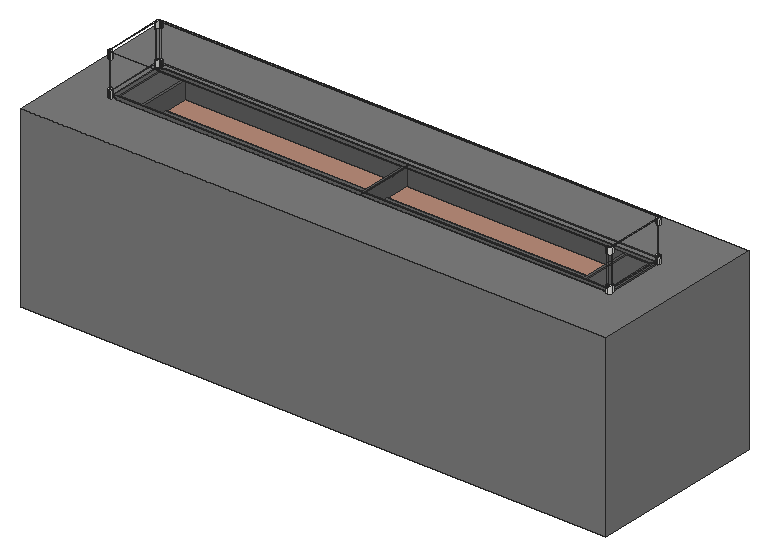
Revit family "HVAC_Fireplaces_Regency-Fireplace_Plateau-Outdoor-Gas-Fireplace_PTO60", category Specialty Equipment, host Face, Revit 2026
Family settings
  Host = Face
  Round Connector Dimension = Use Diameter
  Part Type = Normal
  Classification Number = 23.40.20.34.14
  Enable Cutting in Views = No
  Cut with Voids When Loaded = No
  Maintain Annotation Orientation = No
  Shared = No
  Room Calculation Point = No
Parameters (values of type "PTO60-NG11")
  Width = 66.44"  # constant formula
  Voltage = 120 V
  Version = 0
  URL = "https://www.regency-fire.com/en/default.aspx"
  Trim W [instance] = if(Finishing trim, 67.92", 67.6")  # 67.6"
  Trim H [instance] = if(Finishing trim, 8.66", 8.3")  # 8.3"
  Product data url = "https://www.bimobject.com/regency-fireplace-products/product/pto30-outdoor-gas-burner"
  Product Page URL = "https://www.regency-fire.com/en/Products/Gas/Outdoor-Gas-Fireplaces/PTO30"
  Product Documentation Link = "https://assets.regency-fire.com/getattachment/a0ca68ed-2927-408a-84f4-514c330c736a/PTO30-11-English-Manual.aspx"
  Power Factor = 1
  Power Consumption = 0 W
  Pipe Diameter = 0.5"  # constant formula
  Orifce Size -Altitude 0-4500 ft = "# 25 DMS"
  Opening W [instance] = if(Hard Wire Kit Installation, 8.37", 0.04")  # 0.04"
  Opening H [instance] = if(Hard Wire Kit Installation, 10", 0.04")  # 0.04"
  Opening D [instance] = if(Hard Wire Kit Installation, 5", 0.03937")  # 0.03937"
  Offset [instance] = if(Frame, 24", 0")  # 24"
  Number of Poles = 1
  Not Hard Wire Kit Installation [instance] = not(Hard Wire Kit Installation)  # yes
  Nom No finishing trim [instance] = and(Frame, No finishing trim)  # yes
  Nom Hard Wire Kit Installation [instance] = and(Frame, Hard Wire Kit Installation)  # no
  Nom Finishing trim [instance] = and(Frame, Finishing trim)  # no
  Nom Enclosure Vent Installation [instance] = and(Frame, Enclosure Vent Installation)  # no
  No finishing trim [instance] = not(Finishing trim)  # yes
  Model = "PTO60-NG11"
  Minimum Supply Pressure = "10” W.C. (2.5 kPa)"
  Minimum Input Altitude 0-4500 ft. (0-1372m) = "60,000Btu/h (17.58 kW)"
  Maximum Input Altitude 0-4500 ft. (0-1372m) = "100,000 Btu/h (29.3 kW)"
  Manufacturer = "Regency Fireplace"  # constant formula
  Manifold Pressure - Low = "3.2” W.C. (0.80 kPa)"
  Manifold Pressure - High = "7” W.C. (1.74 kPa)"
  L [instance] = if(Frame, -0.03937", -10.35433")  # -0.03937"
  Housing Material = Regency Fireplace - Metal - Black
  Height = 10.38"  # constant formula
  Hard Wire Kit Installation [instance] = no
  Glass Surround Installation [instance] = yes
  Gas flow = 0.0 L/s
  Gas Connector Description = "Natural gas supply"
  Fuel Type = "Natural Gas"
  Frequency = 60 Hz
  Frame [instance] = yes
  Firebed Material [instance] = Regency Fireplace - Firebeads - Caramel Luster Firebed
  Finishing trim [instance] = no
  Enclosure Vent Installation Note [instance] = "Four (4) ventilation grills are required for all enclosures. Two (2) upper and two (2) lower ventilation grills are required for all enclosures. This is to alleviate moisture and allow for air to circulate. Minimum recommended size: 20 sq in. (508 mm²) ea."  # constant formula
  Enclosure Vent Installation [instance] = no
  Description = "For custom applications, the Regency Plateau Outdoor Burner brings you the design versatility of a linear stainless steel burner to any outdoor landscape. Whether you are a landscape designer or a homeowner looking to renovate an outdoor living space, the Regency Plateau outdoor burner creates endless design possibilities to your outdoor oasis."  # constant formula
  Depth = 10.5"  # constant formula
  Default Elevation = 48"
  Date Updated = ""
  Date Created = ""
  Current = 1.5 A
  Clearance to Combustibles [instance] = no
  CTC height [instance] = if(Frame, 69", 45")  # 69"
  Apparent Load = Power Consumption / Power Factor  # 0 VA
Types (3): name | Product Documentation Link | Orifce Size -Altitude 0-4500 ft | Model | Minimum Supply Pressure | Minimum Input Altitude 0-4500 ft. (0-1372m) | Maximum Input Altitude 0-4500 ft. (0-1372m) | Manifold Pressure - Low | Manifold Pressure - High | Gas Connector Description | Fuel Type
  (no name) | "https://assets.regency-fire.com/getattachment/a0ca68ed-2927-408a-84f4-514c330c736a/PTO30-11-English-Manual.aspx" | "# 25 DMS" | "PTO60-NG11" | "10” W.C. (2.5 kPa)" | "60,000Btu/h (17.58 kW)" | "100,000 Btu/h (29.3 kW)" | "3.2” W.C. (0.80 kPa)" | "7” W.C. (1.74 kPa)" | "Natural gas supply" | "Natural Gas"
  PTO60-NG11 | "https://assets.regency-fire.com/getattachment/a0ca68ed-2927-408a-84f4-514c330c736a/PTO30-11-English-Manual.aspx" | "# 25 DMS" | "PTO60-NG11" | "10” W.C. (2.5 kPa)" | "60,000Btu/h (17.58 kW)" | "100,000 Btu/h (29.3 kW)" | "3.2” W.C. (0.80 kPa)" | "7” W.C. (1.74 kPa)" | "Natural gas supply" | "Natural Gas"
  PTO60-LP11 | "https://assets.regency-fire.com/getattachment/30c06d78-946e-4dc7-a082-1fea59c5e0f3/PTO50-11-English-Manual.aspx" | "# 45 DMS" | "PTO60-LP11" | "22” W.C. (5.46 kPa)" | "76,000 Btu/h (22.26 kW)" | "98,000 Btu/h (28.72 kW)" | "12.8” W.C. (3.18 kPa)" | "20” W.C. (4.98 kPa)" | "Propane gas supply" | "Propane"
Reference planes (in)
  plane 1 "Center (Front/Back)": y = 0
  plane 2: z = 0
  plane 3 "Center (Left/Right)": x = 0
Forms (in)
  Extrusion 1, solid, material "Regency Fireplace - Brick - Rustic Brown Standard", visible <- "Nom No finishing trim"
    sketch origin (0, 0, 0) x (1, 0, 0) y (0, 1, 0)
      loop
        line (-39.5, 12) -> (-39.5, -12) -> (39.5, -12) -> (39.5, 12) -> (-39.5, 12)
    from 0 to 24
  Extrusion 2, void
    sketch origin (0, 0, 24) x (1, 0, 0) y (0, 1, 0)
      loop
        line (32.77433, 4.13386) -> (-32.77685, 4.13386)
        arc (-32.77685, 4.13386) -> (-33.47282, 3.84558) -> (-33.7611, 3.14961) r 0.98425
        line (-33.7611, 3.14961) -> (-33.7611, -3.14961)
        arc (-33.7611, -3.14961) -> (-33.47282, -3.84558) -> (-32.77685, -4.13386) r 0.98425
        line (-32.77685, -4.13386) -> (32.77433, -4.13386)
        arc (32.77433, -4.13386) -> (33.4703, -3.84558) -> (33.75858, -3.14961) r 0.98425
        line (33.75858, -3.14961) -> (33.75858, 3.14961)
        arc (33.75858, 3.14961) -> (33.4703, 3.84558) -> (32.77433, 4.13386) r 0.98425
    from -13.29594 to 0
  Extrusion 3, solid, material "Regency Fireplace - Clearance", visible <- "Clearance to Combustibles"
    sketch origin (0, 0, 0) x (1, 0, 0) y (0, 1, 0)
      loop
        line (56.5, -37.86614) -> (56.5, 22.13386) -> (-56.5, 22.13386) -> (-56.5, -37.86614) -> (56.5, -37.86614)
    from 0 to 69
  Extrusion 4, solid, material "Regency Fireplace - Brick - Rustic Brown Standard", visible <- "Nom Finishing trim"
    sketch origin (0, 0, 0) x (1, 0, 0) y (0, 1, 0)
      loop
        line (-39.5, 12) -> (-39.5, -12) -> (39.5, -12) -> (39.5, 12) -> (-39.5, 12)
    from 0 to 24
  Extrusion 5, void
    sketch origin (0, 0, 24) x (1, 0, 0) y (0, 1, 0)
      loop
        line (32.77433, 4.33071) -> (-32.77685, 4.33071)
        arc (-32.77685, 4.33071) -> (-33.61202, 3.98477) -> (-33.95795, 3.14961) r 1.1811
        line (-33.95795, 3.14961) -> (-33.95795, -3.14961)
        arc (-33.95795, -3.14961) -> (-33.61202, -3.98477) -> (-32.77685, -4.33071) r 1.1811
        line (-32.77685, -4.33071) -> (32.77433, -4.33071)
        arc (32.77433, -4.33071) -> (33.6095, -3.98477) -> (33.95543, -3.14961) r 1.1811
        line (33.95543, -3.14961) -> (33.95543, 3.14961)
        arc (33.95543, 3.14961) -> (33.6095, 3.98477) -> (32.77433, 4.33071) r 1.1811
    from -13.29594 to 0
  Extrusion 6, solid, material "Regency Fireplace - Metal - Silver", visible <- "Finishing trim"
    sketch origin (-47.68088, 0, 24) x (0, -1, 0) y (-1, 0, 0)
      loop
        arc (-4.13386, -80.45521) -> (-3.84558, -81.15119) -> (-3.14961, -81.43947) r 0.98425
        line (-3.14961, -81.43947) -> (3.14961, -81.43947)
        arc (3.14961, -81.43947) -> (3.84558, -81.15119) -> (4.13386, -80.45521) r 0.98425
        line (4.13386, -80.45521) -> (4.13386, -14.90403)
        arc (4.13386, -14.90403) -> (3.84558, -14.20806) -> (3.14961, -13.91978) r 0.98425
        line (3.14961, -13.91978) -> (-3.14961, -13.91978)
        arc (-3.14961, -13.91978) -> (-3.84558, -14.20806) -> (-4.13386, -14.90403) r 0.98425
        line (-4.13386, -14.90403) -> (-4.13386, -80.45521)
      loop
        arc (-4.33071, -80.45521) -> (-3.98477, -81.29038) -> (-3.14961, -81.63632) r 1.1811
        line (-3.14961, -81.63632) -> (3.14961, -81.63632)
        arc (3.14961, -81.63632) -> (3.98477, -81.29038) -> (4.33071, -80.45521) r 1.1811
        line (4.33071, -80.45521) -> (4.33071, -14.90403)
        arc (4.33071, -14.90403) -> (3.98477, -14.06887) -> (3.14961, -13.72293) r 1.1811
        line (3.14961, -13.72293) -> (-3.14961, -13.72293)
        arc (-3.14961, -13.72293) -> (-3.98477, -14.06887) -> (-4.33071, -14.90403) r 1.1811
        line (-4.33071, -14.90403) -> (-4.33071, -80.45521)
    from 0 to 0.74
  Extrusion 7, void
    sketch origin (-39.5, -12, 0) x (0, -1, 0) y (0, 0, -1)
      loop
        line (-12.02, -6) -> (-12.02, -6.04) -> (-11.98, -6.04) -> (-11.98, -6) -> (-12.02, -6)
    from 0.03937 <- "Opening D" to 0
  Extrusion 8, solid, material "Regency Fireplace - Plasric - White", visible <- "Nom Hard Wire Kit Installation"
    sketch origin (0, 0, 0) x (0, 1, 0) y (0, 0, 1)
      loop
        line (4.185, 16) -> (-4.185, 16) -> (-4.185, 6) -> (4.185, 6) -> (4.185, 16)
    from -34.7 to -34.5
  Extrusion 9, solid, material "Regency Fireplace - Plasric - White", visible <- "Nom Hard Wire Kit Installation"
    sketch origin (0, 0, 0) x (0, 1, 0) y (0, 0, 1)
      loop
        line (4.185, 16) -> (-4.185, 16) -> (-4.185, 6) -> (4.185, 6) -> (4.185, 16)
      loop
        line (3.98815, 6.19685) -> (3.98815, 15.80315) -> (-3.98815, 15.80315) -> (-3.98815, 6.19685) -> (3.98815, 6.19685)
    from -39.5 to -34.7
  Extrusion 10, solid, material "Regency Fireplace - Plasric - White", visible <- "Nom Hard Wire Kit Installation"
    sketch origin (0, 0, 0) x (0, 1, 0) y (0, 0, 1)
      loop
        arc (-5.6875, 5.09) -> (-5.51469, 4.67281) -> (-5.0975, 4.5) r 0.59
        line (-5.0975, 4.5) -> (5.0975, 4.5)
        arc (5.0975, 4.5) -> (5.51469, 4.67281) -> (5.6875, 5.09) r 0.59
        line (5.6875, 5.09) -> (5.6875, 16.91)
        arc (5.6875, 16.91) -> (5.51469, 17.32719) -> (5.0975, 17.5) r 0.59
        line (5.0975, 17.5) -> (-5.0975, 17.5)
        arc (-5.0975, 17.5) -> (-5.51469, 17.32719) -> (-5.6875, 16.91) r 0.59
        line (-5.6875, 16.91) -> (-5.6875, 5.09)
    from -39.7 to -39.5
  Extrusion 11, solid, material "Regency Fireplace - Glass - Clear", visible <- "Glass Surround Installation", detail levels coarse
    sketch origin (-47.68088, 0, 24) x (0, -1, 0) y (-1, 0, 0)
      loop
        line (-4.13386, -14.14978) -> (-4.13386, -81.20947)
        arc (-4.13386, -81.20947) -> (-4.06649, -81.3721) -> (-3.90386, -81.43947) r 0.23
        line (-3.90386, -81.43947) -> (3.90386, -81.43947)
        arc (3.90386, -81.43947) -> (4.06649, -81.3721) -> (4.13386, -81.20947) r 0.23
        line (4.13386, -81.20947) -> (4.13386, -14.14978)
        arc (4.13386, -14.14978) -> (4.06649, -13.98715) -> (3.90386, -13.91978) r 0.23
        line (3.90386, -13.91978) -> (-3.90386, -13.91978)
        arc (-3.90386, -13.91978) -> (-4.06649, -13.98715) -> (-4.13386, -14.14978) r 0.23
      loop
        arc (-4.33071, -81.22632) -> (-4.21062, -81.51623) -> (-3.92071, -81.63632) r 0.41
        line (-3.92071, -81.63632) -> (3.92071, -81.63632)
        arc (3.92071, -81.63632) -> (4.21062, -81.51623) -> (4.33071, -81.22632) r 0.41
        line (4.33071, -81.22632) -> (4.33071, -14.13293)
        arc (4.33071, -14.13293) -> (4.21062, -13.84302) -> (3.92071, -13.72293) r 0.41
        line (3.92071, -13.72293) -> (-3.92071, -13.72293)
        arc (-3.92071, -13.72293) -> (-4.21062, -13.84302) -> (-4.33071, -14.13293) r 0.41
        line (-4.33071, -14.13293) -> (-4.33071, -81.22632)
    from -5.51 to 0
  Extrusion 12, solid, material "Regency Fireplace - Glass - Clear", visible <- "Glass Surround Installation", detail levels medium+fine
    sketch origin (-47.68088, 0, 24) x (0, -1, 0) y (-1, 0, 0)
      loop
        line (-4.13386, -14.14978) -> (-4.33071, -14.14978) -> (-4.33071, -81.20947) -> (-4.13386, -81.20947) -> (-4.13386, -14.14978)
      loop
        line (3.90386, -13.91978) -> (3.90386, -13.72293) -> (-3.90386, -13.72293) -> (-3.90386, -13.91978) -> (3.90386, -13.91978)
      loop
        line (4.13386, -81.20947) -> (4.33071, -81.20947) -> (4.33071, -14.14978) -> (4.13386, -14.14978) -> (4.13386, -81.20947)
      loop
        line (-3.90386, -81.43947) -> (-3.90386, -81.63632) -> (3.90386, -81.63632) -> (3.90386, -81.43947) -> (-3.90386, -81.43947)
    from -5.51 to -0.44102
  Extrusion 13, solid, material "Regency Fireplace - Metal - Silver", visible <- "Glass Surround Installation", detail levels medium+fine
    sketch origin (-47.76088, 0, 24) x (0, -1, 0) y (-1, 0, 0)
      loop
        line (-3.90386, -13.99978) -> (-3.90386, -13.80293) -> (-3.71386, -13.80293) -> (-3.71386, -13.77011) -> (-4.00214, -13.77011)
        arc (-4.00214, -13.77011) -> (-4.2567, -13.87555) -> (-4.36214, -14.13011) r 0.36
        line (-4.36214, -14.13011) -> (-4.36214, -14.41978) -> (-4.33071, -14.41978) -> (-4.33071, -14.22978) -> (-4.13386, -14.22978) -> (-4.13386, -14.41978) -> (-4.1015, -14.41978) -> (-4.1015, -14.03324) -> (-3.71386, -14.03324) -> (-3.71386, -13.99978) -> (-3.90386, -13.99978)
      loop
        line (3.90386, -13.99978) -> (3.71386, -13.99978) -> (3.71386, -14.03324) -> (4.1015, -14.03324) -> (4.1015, -14.41978) -> (4.13386, -14.41978) -> (4.13386, -14.22978) -> (4.33071, -14.22978) -> (4.33071, -14.41978) -> (4.36214, -14.41978) -> (4.36214, -14.13011)
        arc (4.36214, -14.13011) -> (4.2567, -13.87555) -> (4.00214, -13.77011) r 0.36
        line (4.00214, -13.77011) -> (3.71386, -13.77011) -> (3.71386, -13.80293) -> (3.90386, -13.80293) -> (3.90386, -13.99978)
      loop
        line (-3.90386, -81.51947) -> (-3.71386, -81.51947) -> (-3.71386, -81.486) -> (-4.1015, -81.486) -> (-4.1015, -81.09947) -> (-4.13386, -81.09947) -> (-4.13386, -81.28947) -> (-4.33071, -81.28947) -> (-4.33071, -81.09947) -> (-4.36214, -81.09947) -> (-4.36214, -81.38914)
        arc (-4.36214, -81.38914) -> (-4.2567, -81.6437) -> (-4.00214, -81.74914) r 0.36
        line (-4.00214, -81.74914) -> (-3.71386, -81.74914) -> (-3.71386, -81.71632) -> (-3.90386, -81.71632) -> (-3.90386, -81.51947)
      loop
        line (3.90386, -81.51947) -> (3.90386, -81.71632) -> (3.71386, -81.71632) -> (3.71386, -81.74914) -> (4.00214, -81.74914)
        arc (4.00214, -81.74914) -> (4.2567, -81.6437) -> (4.36214, -81.38914) r 0.36
        line (4.36214, -81.38914) -> (4.36214, -81.09947) -> (4.33071, -81.09947) -> (4.33071, -81.28947) -> (4.13386, -81.28947) -> (4.13386, -81.09947) -> (4.1015, -81.09947) -> (4.1015, -81.486) -> (3.71386, -81.486) -> (3.71386, -81.51947) -> (3.90386, -81.51947)
    from -0.86 to 0
  Extrusion 14, solid, material "Regency Fireplace - Metal - Silver", visible <- "Glass Surround Installation", detail levels medium+fine
    sketch origin (-47.76088, 0, 24) x (0, -1, 0) y (-1, 0, 0)
      loop
        line (-3.90386, -13.99978) -> (-3.90386, -13.80293) -> (-3.71386, -13.80293) -> (-3.71386, -13.77011) -> (-4.00214, -13.77011)
        arc (-4.00214, -13.77011) -> (-4.2567, -13.87555) -> (-4.36214, -14.13011) r 0.36
        line (-4.36214, -14.13011) -> (-4.36214, -14.41978) -> (-4.33071, -14.41978) -> (-4.33071, -14.22978) -> (-4.13386, -14.22978) -> (-4.13386, -14.41978) -> (-4.1015, -14.41978) -> (-4.1015, -14.03324) -> (-3.71386, -14.03324) -> (-3.71386, -13.99978) -> (-3.90386, -13.99978)
      loop
        line (3.90386, -13.99978) -> (3.71386, -13.99978) -> (3.71386, -14.03324) -> (4.1015, -14.03324) -> (4.1015, -14.41978) -> (4.13386, -14.41978) -> (4.13386, -14.22978) -> (4.33071, -14.22978) -> (4.33071, -14.41978) -> (4.36214, -14.41978) -> (4.36214, -14.13011)
        arc (4.36214, -14.13011) -> (4.2567, -13.87555) -> (4.00214, -13.77011) r 0.36
        line (4.00214, -13.77011) -> (3.71386, -13.77011) -> (3.71386, -13.80293) -> (3.90386, -13.80293) -> (3.90386, -13.99978)
      loop
        line (-3.90386, -81.51947) -> (-3.71386, -81.51947) -> (-3.71386, -81.486) -> (-4.1015, -81.486) -> (-4.1015, -81.09947) -> (-4.13386, -81.09947) -> (-4.13386, -81.28947) -> (-4.33071, -81.28947) -> (-4.33071, -81.09947) -> (-4.36214, -81.09947) -> (-4.36214, -81.38914)
        arc (-4.36214, -81.38914) -> (-4.2567, -81.6437) -> (-4.00214, -81.74914) r 0.36
        line (-4.00214, -81.74914) -> (-3.71386, -81.74914) -> (-3.71386, -81.71632) -> (-3.90386, -81.71632) -> (-3.90386, -81.51947)
      loop
        line (3.90386, -81.51947) -> (3.90386, -81.71632) -> (3.71386, -81.71632) -> (3.71386, -81.74914) -> (4.00214, -81.74914)
        arc (4.00214, -81.74914) -> (4.2567, -81.6437) -> (4.36214, -81.38914) r 0.36
        line (4.36214, -81.38914) -> (4.36214, -81.09947) -> (4.33071, -81.09947) -> (4.33071, -81.28947) -> (4.13386, -81.28947) -> (4.13386, -81.09947) -> (4.1015, -81.09947) -> (4.1015, -81.486) -> (3.71386, -81.486) -> (3.71386, -81.51947) -> (3.90386, -81.51947)
    from -5.51 to -4.72
  Extrusion 15, void
    sketch origin (-39.5, -12, 0) x (0, -1, 0) y (0, 0, -1)
      loop
        line (-12.02, -6.04) -> (-11.98, -6.04) -> (-11.98, -6) -> (-12.02, -6) -> (-12.02, -6.04)
    from 0.03937 <- "Opening D" to 0
  Extrusion 16, void
    sketch origin (0, 0, 0) x (1, 0, 0) y (0, 1, 0)
      loop
        line (-33.7611, 3.14961) -> (-33.7611, -3.14961)
        arc (-33.7611, -3.14961) -> (-33.47282, -3.84558) -> (-32.77685, -4.13386) r 0.98425
        line (-32.77685, -4.13386) -> (32.77685, -4.13386)
        arc (32.77685, -4.13386) -> (33.47282, -3.84558) -> (33.7611, -3.14961) r 0.98425
        line (33.7611, -3.14961) -> (33.7611, 3.14961)
        arc (33.7611, 3.14961) -> (33.47282, 3.84558) -> (32.77685, 4.13386) r 0.98425
        line (32.77685, 4.13386) -> (-32.77685, 4.13386)
        arc (-32.77685, 4.13386) -> (-33.47282, 3.84558) -> (-33.7611, 3.14961) r 0.98425
    from -0.03937 <- "L" to 0
  Extrusion 17, void
    sketch origin (0, 0, 0) x (1, 0, 0) y (0, 1, 0)
      loop
        line (32.62764, 4.15) -> (-32.63219, 4.15)
        arc (-32.63219, 4.15) -> (-33.45796, 3.80796) -> (-33.8, 2.98219) r 1.16781
        line (-33.8, 2.98219) -> (-33.8, -2.98)
        arc (-33.8, -2.98) -> (-33.45731, -3.80731) -> (-32.63, -4.15) r 1.17
        line (-32.63, -4.15) -> (32.62802, -4.15)
        arc (32.62802, -4.15) -> (33.45673, -3.80673) -> (33.8, -2.97802) r 1.17198
        line (33.8, -2.97802) -> (33.8, 2.97764)
        arc (33.8, 2.97764) -> (33.45662, 3.80662) -> (32.62764, 4.15) r 1.17236
    from -0.74 to 0
Cuts and joins
  Extrusion 2, Extrusion 15 cuts Extrusion 1
  Extrusion 5, Extrusion 7 cuts Extrusion 4
Lines and regions (in)
  Masking region 1, visible <- "Clearance to Combustibles"
    outline origin (0, 0, 0) x (1, 0, 0) y (0, 1, 0)
      loop
        line (-56.5, 22.13386) -> (-56.5, -37.86614) -> (56.5, -37.86614) -> (56.5, 22.13386) -> (-56.5, 22.13386)
  Masking region 2, visible <- "Glass Surround Installation"
    outline origin (0, 0, 0) x (1, 0, 0) y (0, 1, 0)
      loop
        arc (-33.5311, 4.13386) -> (-33.69374, 4.06649) -> (-33.7611, 3.90386) r 0.23
        line (-33.7611, 3.90386) -> (-33.7611, -3.90386)
        arc (-33.7611, -3.90386) -> (-33.69374, -4.06649) -> (-33.5311, -4.13386) r 0.23
        line (-33.5311, -4.13386) -> (33.52858, -4.13386)
        arc (33.52858, -4.13386) -> (33.69122, -4.06649) -> (33.75858, -3.90386) r 0.23
        line (33.75858, -3.90386) -> (33.75858, 3.90386)
        arc (33.75858, 3.90386) -> (33.69122, 4.06649) -> (33.52858, 4.13386) r 0.23
        line (33.52858, 4.13386) -> (-33.5311, 4.13386)
      loop
        line (33.54543, 4.33071) -> (-33.54795, 4.33071)
        arc (-33.54795, 4.33071) -> (-33.83787, 4.21062) -> (-33.95795, 3.92071) r 0.41
        line (-33.95795, 3.92071) -> (-33.95795, -3.92071)
        arc (-33.95795, -3.92071) -> (-33.83787, -4.21062) -> (-33.54795, -4.33071) r 0.41
        line (-33.54795, -4.33071) -> (33.54543, -4.33071)
        arc (33.54543, -4.33071) -> (33.83535, -4.21062) -> (33.95543, -3.92071) r 0.41
        line (33.95543, -3.92071) -> (33.95543, 3.92071)
        arc (33.95543, 3.92071) -> (33.83535, 4.21062) -> (33.54543, 4.33071) r 0.41
  Masking region 3, visible <- "Clearance to Combustibles"
    outline origin (0, 0, 0) x (1, 0, 0) y (0, 0, 1)
      loop
        line (-56.5, 69) -> (-56.5, 0) -> (56.5, 0) -> (56.5, 69) -> (-56.5, 69)
  Masking region 4, visible <- "Glass Surround Installation"
    outline origin (-47.68088, 0, 24) x (1, 0, 0) y (0, 0, 1)
      loop
        line (13.99978, 5.51) -> (13.99978, 0) -> (81.51947, 0) -> (81.51947, 5.51) -> (13.99978, 5.51)
  Masking region 5, visible <- "Frame"
    outline origin (0, 0, 0) x (1, 0, 0) y (0, 1, 0)
      loop
        line (-39.5, 12) -> (-39.5, -12) -> (39.5, -12) -> (39.5, 12) -> (-39.5, 12)
  Masking region 6, visible <- "Frame"
    outline origin (0, 0, 0) x (1, 0, 0) y (0, 0, 1)
      loop
        line (-39.5, 24) -> (-39.5, 0) -> (39.5, 0) -> (39.5, 24) -> (-39.5, 24)
  reference lines
    curve 1: line (-39.5, 0.02, 0) -> (-39.5, 0.02, 7.21164)
    curve 2: line (-39.5, -0.02, 0) -> (-39.5, -0.02, 8.78644)
    curve 3: line (-39.5, 11.74574, 6.04) -> (-39.5, 4.51676, 6.04)
    curve 4: line (-39.5, 3.41574, 6) -> (-39.5, -2.81324, 6)
    curve 21: line (-47.68088, 0, 24) -> (49.31912, 0, 24)
    curve 22: line (-47.68088, 0, 69) -> (49.31912, 0, 69)
    curve 23: line (-33.8, 6.84174, 0) -> (-33.8, -7.19055, 0)
    curve 24: line (33.8, 7.38228, 0) -> (33.8, -6.34685, 0)
    curve 25: line (-37.6339, -4.15, 0) -> (37.29146, -4.15, 0)
    curve 26: line (-37.6339, 4.15, 0) -> (36.29146, 4.15, 0)
  model lines, visible <- "Nom Enclosure Vent Installation"
    curve 5: line (-39.5, 4, 0.94) -> (-39.5, 4, 3.82)
    curve 6: line (-39.5, 4, 3.82) -> (-39.5, -4, 3.82)
    curve 7: line (-39.5, -4, 3.82) -> (-39.5, -4, 0.94)
    curve 8: line (-39.5, -4, 0.94) -> (-39.5, 4, 0.94)
    curve 9: line (39.5, 4, 0.94) -> (39.5, 4, 3.82)
    curve 10: line (39.5, 4, 3.82) -> (39.5, -4, 3.82)
    curve 11: line (39.5, -4, 3.82) -> (39.5, -4, 0.94)
    curve 12: line (39.5, -4, 0.94) -> (39.5, 4, 0.94)
    curve 13: line (39.5, 8, 20.945) -> (39.5, 8, 22.195)
    curve 14: line (39.5, 8, 22.195) -> (39.5, -8, 22.195)
    curve 15: line (39.5, -8, 22.195) -> (39.5, -8, 20.945)
    curve 16: line (39.5, -8, 20.945) -> (39.5, 8, 20.945)
    curve 17: line (-39.5, 8, 20.945) -> (-39.5, 8, 22.195)
    curve 18: line (-39.5, 8, 22.195) -> (-39.5, -8, 22.195)
    curve 19: line (-39.5, -8, 22.195) -> (-39.5, -8, 20.945)
    curve 20: line (-39.5, -8, 20.945) -> (-39.5, 8, 20.945)
Dimensions and locks (in)
  equal spacing: curve 1, plane 1 "Center (Front/Back)", curve 2
  "Opening W": curve 1 to curve 2
  "Opening H": curve 4 to curve 3
  locked: curve 4 to plane 2 at 6
  "Offset": curve 21 to plane 2
  "CTC height": curve 22 to plane 2
  equal spacing: curve 23, plane 3 "Center (Left/Right)", curve 24
  "Trim W": curve 23 to curve 24
  equal spacing: curve 25, plane 1 "Center (Front/Back)", curve 26
  "Trim H": curve 25 to curve 26
  radius of Extrusion 17 sketch curve = 1.17"
  radius of Extrusion 17 sketch curve = 1.16781"
  radius of Extrusion 17 sketch curve = 1.17236"
  radius of Extrusion 17 sketch curve = 1.17198"
  aligned and locked: plane 2 to host face
  aligned and locked: level to host face
  aligned and locked: curve 4 to Extrusion 7 sketch curve
  aligned and locked: curve 3 to Extrusion 7 sketch curve
  aligned and locked: curve 1 to Extrusion 7 sketch curve
  aligned and locked: curve 2 to Extrusion 7 sketch curve
  aligned and locked: curve 3 to Extrusion 15 sketch curve
  aligned and locked: Extrusion 15 sketch curve to curve 4
  aligned and locked: curve 1 to Extrusion 15 sketch curve
  aligned and locked: Extrusion 15 sketch curve to curve 2
  aligned and locked: Masking region 3 sketch curve to Extrusion 3
  aligned and locked: Extrusion 3 to curve 22
  aligned and locked: curve 23 to Extrusion 17 sketch curve
  aligned and locked: Extrusion 17 sketch curve to curve 26
  aligned and locked: curve 25 to Extrusion 17 sketch curve
  aligned and locked: curve 24 to Extrusion 17 sketch curve
Automatic sketch dimensions
  host sketch curve to host sketch curve = 96"  (x2)
  Extrusion 1 sketch curve to plane 1 "Center (Front/Back)" = 12"
  Extrusion 1 sketch curve to plane 3 "Center (Left/Right)" = 39.5"
  plane 1 "Center (Front/Back)" to Extrusion 1 sketch curve = 12"
  plane 3 "Center (Left/Right)" to Extrusion 1 sketch curve = 39.5"
  Extrusion 4 sketch curve to plane 1 "Center (Front/Back)" = 12"
  Extrusion 4 sketch curve to plane 3 "Center (Left/Right)" = 39.5"
  plane 1 "Center (Front/Back)" to Extrusion 4 sketch curve = 12"
  plane 3 "Center (Left/Right)" to Extrusion 4 sketch curve = 39.5"
  plane 1 "Center (Front/Back)" to Extrusion 8 sketch curve = 4.185"
  Extrusion 8 sketch curve to plane 1 "Center (Front/Back)" = 4.185"
  level to Extrusion 8 sketch curve = 6"
  Extrusion 8 sketch curve to Extrusion 8 sketch curve = 10"
  plane 1 "Center (Front/Back)" to Extrusion 9 sketch curve = 4.185"
  Extrusion 9 sketch curve to plane 1 "Center (Front/Back)" = 4.185"
  level to Extrusion 9 sketch curve = 6"
  Extrusion 9 sketch curve to Extrusion 9 sketch curve = 10"
  Extrusion 9 sketch curve to Extrusion 9 sketch curve = 0.19685"  (x4)
  plane 1 "Center (Front/Back)" to Extrusion 10 sketch curve = 5.6875"
  Extrusion 10 sketch curve to plane 1 "Center (Front/Back)" = 5.0975"
  Extrusion 10 sketch curve to Extrusion 10 sketch curve = 11.82"
  Extrusion 10 sketch curve to Extrusion 10 sketch curve = 0"
  Extrusion 10 sketch curve to Extrusion 10 sketch curve = 0.59"  (x3)
  level to Extrusion 10 sketch curve = 4.5"
  Extrusion 4 to curve 7 = 3.82"
  curve 7 to Extrusion 4 = 8"
  curve 6 to Extrusion 4 = 16"
  curve 6 to curve 7 = 2.88"
  Masking region 1 sketch curve to plane 3 "Center (Left/Right)" = 56.5"
  plane 3 "Center (Left/Right)" to Masking region 1 sketch curve = 56.5"
  plane 1 "Center (Front/Back)" to Masking region 1 sketch curve = 37.86614"
  Masking region 1 sketch curve to plane 1 "Center (Front/Back)" = 22.13386"
  plane 1 "Center (Front/Back)" to Masking region 2 sketch curve = 3.90386"  (x2)
  Masking region 2 sketch curve to plane 3 "Center (Left/Right)" = 33.7611"
  Masking region 2 sketch curve to Masking region 2 sketch curve = 0.23"  (x2)
  Masking region 2 sketch curve to plane 1 "Center (Front/Back)" = 4.13386"
  plane 3 "Center (Left/Right)" to Masking region 2 sketch curve = 33.52858"
  Masking region 2 sketch curve to Masking region 2 sketch curve = 0"
  Masking region 2 sketch curve to Masking region 2 sketch curve = 0.19685"  (x3)
  Masking region 2 sketch curve to Masking region 2 sketch curve = 0.01685"  (x5)
  Masking region 3 sketch curve to level = 0"
  Masking region 3 sketch curve to plane 3 "Center (Left/Right)" = 56.5"
  plane 3 "Center (Left/Right)" to Masking region 3 sketch curve = 56.5"
  Masking region 6 sketch curve to level = 0"
  Masking region 6 sketch curve to plane 3 "Center (Left/Right)" = 39.5"
  plane 3 "Center (Left/Right)" to Masking region 6 sketch curve = 39.5"
  Masking region 6 sketch curve to Masking region 6 sketch curve = 24"
  plane 1 "Center (Front/Back)" to Masking region 5 sketch curve = 12"
  Masking region 5 sketch curve to plane 3 "Center (Left/Right)" = 39.5"
  plane 3 "Center (Left/Right)" to Masking region 5 sketch curve = 39.5"
  Masking region 5 sketch curve to plane 1 "Center (Front/Back)" = 12"
  Extrusion 4 to curve 12 = 0.94"
  curve 11 to curve 11 = 2.88"
  Extrusion 4 to curve 11 = 8"
  Extrusion 4 to curve 10 = 8"
  Extrusion 1 to curve 15 = 1.805"
  Extrusion 1 to curve 15 = 4"
  Extrusion 1 to curve 16 = 4"
  curve 13 to curve 13 = 1.25"
  curve 19 to Extrusion 1 = 4"
  Extrusion 1 to curve 18 = 1.805"
  Extrusion 1 to curve 18 = 4"
  curve 18 to curve 19 = 1.25"
  Extrusion 3 sketch curve to plane 3 "Center (Left/Right)" = 56.5"
  Extrusion 3 sketch curve to plane 1 "Center (Front/Back)" = 22.13386"
  plane 3 "Center (Left/Right)" to Extrusion 3 sketch curve = 56.5"
  plane 1 "Center (Front/Back)" to Extrusion 3 sketch curve = 37.86614"
  Extrusion 11 sketch curve to curve 21 = 4.33071"
  Extrusion 11 sketch curve to Extrusion 11 sketch curve = 0.19685"  (x3)
  Extrusion 11 sketch curve to Extrusion 11 sketch curve = 0.21315"  (x3)
  Extrusion 11 sketch curve to Extrusion 11 sketch curve = 0.01685"  (x5)
  curve 21 to Extrusion 11 sketch curve = 3.90386"  (x2)
  curve 21 to Extrusion 11 sketch curve = 13.72293"
  Extrusion 11 sketch curve to curve 21 = 15.79053"
  Masking region 4 sketch curve to curve 21 = 0"
  curve 21 to Masking region 4 sketch curve = 13.99978"
  Masking region 4 sketch curve to curve 21 = 15.48053"
  Masking region 4 sketch curve to curve 21 = 5.51"
  Extrusion 12 sketch curve to curve 21 = 4.33071"
  Extrusion 12 sketch curve to Extrusion 12 sketch curve = 0.19685"  (x4)
  Extrusion 12 sketch curve to Extrusion 12 sketch curve = 0.23"  (x6)
  curve 21 to Extrusion 12 sketch curve = 3.90386"  (x2)
  curve 21 to Extrusion 12 sketch curve = 13.72293"
  Extrusion 12 sketch curve to curve 21 = 15.79053"
  Extrusion 12 sketch curve to Extrusion 12 sketch curve = 0"
  Extrusion 13 sketch curve to curve 21 = 4.36214"  (x2)
  Extrusion 13 sketch curve to Extrusion 13 sketch curve = 0.03143"  (x4)
  Extrusion 13 sketch curve to Extrusion 13 sketch curve = 0.19685"  (x5)
  Extrusion 13 sketch curve to Extrusion 13 sketch curve = 0.03235"  (x4)
  Extrusion 13 sketch curve to Extrusion 13 sketch curve = 0.09937"  (x4)
  Extrusion 13 sketch curve to Extrusion 13 sketch curve = 0.09828"  (x4)
  Extrusion 13 sketch curve to Extrusion 13 sketch curve = 0.19"  (x12)
  curve 21 to Extrusion 13 sketch curve = 3.71386"  (x2)
  Extrusion 13 sketch curve to Extrusion 13 sketch curve = 0"  (x6)
  curve 21 to Extrusion 13 sketch curve = 13.69011"
  Extrusion 13 sketch curve to Extrusion 13 sketch curve = 0.03282"  (x4)
  Extrusion 13 sketch curve to Extrusion 13 sketch curve = 0.13033"  (x2)
  Extrusion 13 sketch curve to Extrusion 13 sketch curve = 0.09687"  (x2)
  Extrusion 13 sketch curve to Extrusion 13 sketch curve = 0.09967"  (x4)
  Extrusion 13 sketch curve to curve 21 = 15.98053"
  Extrusion 13 sketch curve to Extrusion 13 sketch curve = 0.26313"  (x2)
  Extrusion 13 sketch curve to Extrusion 13 sketch curve = 0.03346"
  Extrusion 14 sketch curve to curve 21 = 4.36214"  (x2)
  Extrusion 14 sketch curve to Extrusion 14 sketch curve = 0.03143"  (x4)
  Extrusion 14 sketch curve to Extrusion 14 sketch curve = 0.19685"  (x5)
  Extrusion 14 sketch curve to Extrusion 14 sketch curve = 0.03235"  (x4)
  Extrusion 14 sketch curve to Extrusion 14 sketch curve = 0.09937"  (x4)
  Extrusion 14 sketch curve to Extrusion 14 sketch curve = 0.09828"  (x4)
  Extrusion 14 sketch curve to Extrusion 14 sketch curve = 0.19"  (x12)
  curve 21 to Extrusion 14 sketch curve = 3.71386"  (x2)
  Extrusion 14 sketch curve to Extrusion 14 sketch curve = 0"  (x6)
  curve 21 to Extrusion 14 sketch curve = 13.69011"
  Extrusion 14 sketch curve to Extrusion 14 sketch curve = 0.03282"  (x4)
  Extrusion 14 sketch curve to Extrusion 14 sketch curve = 0.13033"  (x2)
  Extrusion 14 sketch curve to Extrusion 14 sketch curve = 0.09687"  (x2)
  Extrusion 14 sketch curve to Extrusion 14 sketch curve = 0.09967"  (x4)
  Extrusion 14 sketch curve to curve 21 = 15.98053"
  Extrusion 14 sketch curve to Extrusion 14 sketch curve = 0.26313"  (x2)
  Extrusion 14 sketch curve to Extrusion 14 sketch curve = 0.03346"
  Extrusion 6 sketch curve to Extrusion 6 sketch curve = 0"  (x8)
  Extrusion 6 sketch curve to curve 21 = 4.33071"
  Extrusion 6 sketch curve to Extrusion 6 sketch curve = 0.19685"
  Extrusion 6 sketch curve to Extrusion 6 sketch curve = 0.98425"  (x3)
  curve 21 to Extrusion 6 sketch curve = 3.14961"  (x2)
  curve 21 to Extrusion 6 sketch curve = 13.72293"
  Extrusion 6 sketch curve to curve 21 = 16.54479"
  Extrusion 5 sketch curve to Extrusion 4 = 5.54205"
  Extrusion 5 sketch curve to Extrusion 5 sketch curve = 1.1811"  (x3)
  Extrusion 5 sketch curve to Extrusion 4 = 6.72567"  (x2)
  Extrusion 5 sketch curve to Extrusion 4 = 7.66929"
  Extrusion 5 sketch curve to Extrusion 5 sketch curve = 6.29921"
  Extrusion 2 sketch curve to Extrusion 1 = 5.7389"
  Extrusion 2 sketch curve to Extrusion 2 sketch curve = 0.98425"  (x3)
  Extrusion 2 sketch curve to Extrusion 1 = 6.72567"  (x2)
  Extrusion 2 sketch curve to Extrusion 1 = 7.86614"
  Extrusion 2 sketch curve to Extrusion 2 sketch curve = 6.29921"
  Extrusion 16 sketch curve to plane 1 "Center (Front/Back)" = 3.14961"
  Extrusion 16 sketch curve to plane 3 "Center (Left/Right)" = 33.7611"
  Extrusion 16 sketch curve to Extrusion 16 sketch curve = 0.98425"  (x3)
  plane 1 "Center (Front/Back)" to Extrusion 16 sketch curve = 4.13386"
  plane 3 "Center (Left/Right)" to Extrusion 16 sketch curve = 32.77685"
  Extrusion 16 sketch curve to Extrusion 16 sketch curve = 0"
  curve 4 to curve 1 = 2.83324"
  curve 1 to curve 4 = 3.39574"
  curve 4 to curve 3 = 1.10102"
  curve 3 to curve 3 = 7.22898"
  curve 1 to curve 4 = 1.21164"
  curve 2 to curve 1 = 1.5748"
  curve 4 to curve 2 = 6"
  curve 1 to curve 2 = 0"
  curve 22 to plane 3 "Center (Left/Right)" = 47.68088"
  curve 22 to curve 21 = 0"  (x2)
  plane 3 "Center (Left/Right)" to curve 22 = 49.31912"
  curve 25 to curve 23 = 3.8339"
  curve 26 to curve 23 = 3.8339"
  curve 24 to curve 26 = 2.49146"
  curve 24 to curve 25 = 3.49146"
  curve 24 to curve 25 = 2.19685"
  curve 23 to curve 25 = 3.04055"
  curve 26 to curve 23 = 2.69174"
  curve 26 to curve 24 = 3.23228"
Nested families (in)
  nested 1: "PTO60" at (15.00016, 0, 13.64567) x (-1, 0, 0) z (0, 0, 1), Firebed Material <- "Firebed Material", Housing Material <- "Housing Material", type "PTO60"
    with Housing Material Regency Fireplace - Metal - Black, Firebed Material Regency Fireplace - Firebeads - Caramel Luster Firebed
  nested 2: "PTO60" at (-15.00016, 0, 13.64567), Firebed Material <- "Firebed Material", Housing Material <- "Housing Material", type "PTO60"
    with Housing Material Regency Fireplace - Metal - Black, Firebed Material Regency Fireplace - Firebeads - Caramel Luster Firebed
Connectors (in)
  piping at (14.70343, 2.76712, 15.93387), diameter 0.5, driven by "Gas flow", driven by "Gas Connector Description", driven by "Pipe Diameter"
    settings: on nested 1, index 1, connector inside diameter 609.6 mm, connector length 0", flow factor 0, pipe flow 0.0 L/s, pressure drop 0.0 Pa, fitting loss kfactor 0, connector angle 0.00°, fixture units 0, engagement length 0", angle of deflection 0.00°, flow configuration 0, flow direction 1, fitting loss method 0, system type 22, joint type 0, gender type 0, connector reference index -1, connector utility 0, adjustable connector no, is connector primary yes, connector description "Natural gas supply"
  piping at (-14.70343, -2.76712, 15.93387), diameter 0.5, driven by "Gas flow", driven by "Gas Connector Description", driven by "Pipe Diameter"
    settings: on nested 2, index 2, connector inside diameter 609.6 mm, connector length 0", flow factor 0, pipe flow 0.0 L/s, pressure drop 0.0 Pa, fitting loss kfactor 0, connector angle 0.00°, fixture units 0, engagement length 0", angle of deflection 0.00°, flow configuration 0, flow direction 1, fitting loss method 0, system type 22, joint type 0, gender type 0, connector reference index -1, connector utility 0, adjustable connector no, is connector primary no, connector description "Natural gas supply"
  electrical at (-15.4726, 2.54202, 15.92902), driven by "Number of Poles", driven by "Voltage", driven by "Apparent Load", driven by "Power Factor"
    settings: on nested 2, index 3, voltage 120 V, apparent load 0 VA, apparent load phase1 0 VA, apparent load phase2 0 VA, apparent load phase3 0 VA, power factor 1, load classification "Other", number of poles 1, system type 30, power factor state 1, is connector primary yes, connector utility no, sub classification motor no, connector description "120V, Power connector"
  electrical at (15.4726, -2.54202, 15.92902), driven by "Number of Poles", driven by "Voltage", driven by "Apparent Load", driven by "Power Factor"
    settings: on nested 1, index 4, voltage 120 V, apparent load 0 VA, apparent load phase1 0 VA, apparent load phase2 0 VA, apparent load phase3 0 VA, power factor 1, load classification "Other", number of poles 1, system type 30, power factor state 1, is connector primary no, connector utility no, sub classification motor no, connector description "120V, Power connector"
Definition of nested family "PTO60"
  Parameters (values of type "PTO60")
    Housing Material [instance] = none
    Firebed Material [instance] = none
    Default Elevation = 48"
  Reference planes (in)
    plane 1 "Center (Front/Back)": y = 0
    plane 2: z = 0
    plane 3 "Center (Left/Right)": x = 0
  Forms (in)
    Extrusion 1, solid, material <- "Housing Material"
      sketch origin (0, 0, 0) x (1, 0, 0) y (0, 0, 1)
        loop
          line (-18.75984, 10.35433) -> (-18.75984, 0) -> (-17.18504, 0) -> (-17.18504, 1.02362) -> (0.64961, 1.02362) -> (0.64961, 5.55118) -> (15, 4.77438) -> (15, 10.35433) -> (-18.75984, 10.35433)
      from -4.13386 to 4.13386
    Extrusion 2, void
      sketch origin (0, 0, 0) x (1, 0, 0) y (0, 1, 0)
        loop
          arc (-18.75984, 3.14961) -> (-18.47156, 3.84558) -> (-17.77559, 4.13386) r 0.98425
          line (-17.77559, 4.13386) -> (-18.75984, 4.13386) -> (-18.75984, 3.14961)
        loop
          line (-18.75984, -3.14961) -> (-18.75984, -4.13386) -> (-17.77559, -4.13386)
          arc (-17.77559, -4.13386) -> (-18.47156, -3.84558) -> (-18.75984, -3.14961) r 0.98425
      from 0 to 13.15051
    Extrusion 3, void
      sketch origin (-18.75984, 0, 10.35433) x (1, 0, 0) y (0, 1, 0)
        loop
          line (3.8189, 3.46457) -> (0.66929, 3.46457) -> (0.66929, -3.46457) -> (3.8189, -3.46457) -> (3.8189, 3.46457)
      from -0.07874 to 0
    Extrusion 4, void
      sketch origin (-14.62598, 3.26772, 10.35433) x (0, 1, 0) y (0, 0, 1)
        loop
          line (-6.73228, 0) -> (-6.73228, -2.41297) -> (-3.58268, -2.41297)
          arc (-3.58268, -2.41297) -> (-3.26772, -2.09801) -> (-2.95276, -2.41297) r 0.31496
          line (-2.95276, -2.41297) -> (0.19685, -2.41297) -> (0.19685, 0) -> (-6.73228, 0)
      from 0 to 29.40945
    Extrusion 5, solid, material <- "Firebed Material", detail levels medium+fine
      sketch origin (-14.62598, 3.26772, 10.35433) x (0, 1, 0) y (0, 0, 1)
        loop
          line (0.19685, -2.41297) -> (0.19685, -2.21612) -> (-3.02185, -2.21612)
          arc (-3.02185, -2.21612) -> (-2.97053, -2.30866) -> (-2.95276, -2.41297) r 0.31496
          line (-2.95276, -2.41297) -> (0.19685, -2.41297)
        loop
          line (-6.73228, -2.21612) -> (-6.73228, -2.41297) -> (-3.58268, -2.41297)
          arc (-3.58268, -2.41297) -> (-3.5649, -2.30866) -> (-3.51358, -2.21612) r 0.31496
          line (-3.51358, -2.21612) -> (-6.73228, -2.21612)
      from 0 to 29.40945
    Extrusion 6, void
      sketch origin (0.64961, 0, 1.02362) x (0, 0, 1) y (0, -1, 0)
        loop
          line (0.66918, 3.56034) -> (0.66918, 1.98554) -> (1.85028, 1.98554) -> (1.85028, 3.56034) -> (0.66918, 3.56034)
        loop
          line (0.66918, -1.75462) -> (0.66918, -3.32942) -> (1.85028, -3.32942) -> (1.85028, -1.75462) -> (0.66918, -1.75462)
      from -1.12205 to 0
    Extrusion 7, solid
      sketch origin (-0.47244, 0, 1.02362) x (0, 0, 1) y (0, -1, 0)
        loop
          circle (1.26457, 2.76712) r 0.25197
      from 0 to 0.76916
    Sweep 8, solid, material <- "Housing Material", detail levels medium+fine
      path origin (0, 0, 0) x (1, 0, 0) y (0, 1, 0)
        loop
          line (-12.20472, 0) -> (12.20472, 0)
      profile origin (0, 0, 0) x (0, 1, 0) y (0, 0, 1)
        loop
          line (-4.13386, 9.98065) -> (-4.87205, 9.98065) -> (-4.87205, 9.87524) -> (-4.24016, 9.87524) -> (-4.24016, 8.55348) -> (-4.13386, 8.55348) -> (-4.13386, 9.98065)
        loop
          line (4.13386, 9.98065) -> (4.13386, 8.55348) -> (4.24016, 8.55348) -> (4.24016, 9.87524) -> (4.87205, 9.87524) -> (4.87205, 9.98065) -> (4.13386, 9.98065)
  Cuts and joins
    Extrusion 2, Extrusion 3, Extrusion 4, Extrusion 6 cuts Extrusion 1
  Lines and regions (in)
    Masking region 1
      outline origin (0, 0, 0) x (1, 0, 0) y (0, 1, 0)
        loop
          line (14.94094, 4.13386) -> (-17.77559, 4.13386)
          arc (-17.77559, 4.13386) -> (-18.47156, 3.84558) -> (-18.75984, 3.14961) r 0.98425
          line (-18.75984, 3.14961) -> (-18.75984, -3.14961)
          arc (-18.75984, -3.14961) -> (-18.47156, -3.84558) -> (-17.77559, -4.13386) r 0.98425
          line (-17.77559, -4.13386) -> (14.94094, -4.13386) -> (14.94094, 4.13386)
    Masking region 2
      outline origin (0, 0, 0) x (1, 0, 0) y (0, 1, 0)
        loop
          line (-18.09055, 3.46457) -> (-18.09055, -3.46457) -> (-14.94094, -3.46457) -> (-14.94094, 3.46457) -> (-18.09055, 3.46457)
        loop
          line (-14.62598, 3.46457) -> (-14.62598, -3.46457) -> (14.78346, -3.46457) -> (14.78346, 3.46457) -> (-14.62598, 3.46457)
  Dimensions and locks (in)
    aligned and locked: level to plane 2
